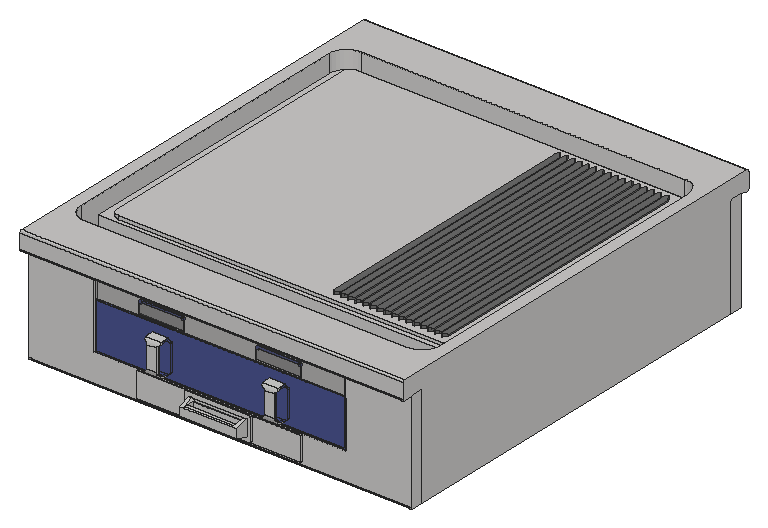
Revit family "QF_ELECTROLUXPROFESSIONAL_589106_MCHOAAHOAO", category Specialty Equipment, Revit 2018
Family settings
  Round Connector Dimension = Use Diameter
  Part Type = Normal
  Work Plane-Based = No
  Always vertical = Yes
  Cut with Voids When Loaded = No
  Shared = No
  Room Calculation Point = No
Parameters
  Weight in Pounds = 264.6
  Watts = 15300 VA  # 15300 W
  Volts = 400 V  # constant formula
  URL Cutsheet = ""
  Type Mark [instance] = ""
  Status [instance] = ""
  Specification by User [instance] = ""
  Specification by Manufacturer = ""
  Show Clearance [instance] = yes
  Serial Number = ""
  Seismic Rating = ""
  SMACNA No = ""
  Revision Code [instance] = ""
  Phase = 3  # constant formula
  Omniclass Number and Title = ""
  Number of Poles [instance] = 1
  NAFEM Spec ID Number = ""
  Model = "589106"
  Min Ckt Ampacity = 0 A
  Max Overcurrent Protection = 0 A
  Masterspec = ""
  Manufacturer = "ELECTROLUX"
  Item Number [instance] = ""
  Installed By [instance] = ""
  Identify Quantity as Lot [instance] = yes
  HP = "20.5 HP"
  Furnished By [instance] = ""
  Foodservice Equipment Identifier [instance] = yes
  FL Amps [instance] = if(Phase = 3, Watts / (Volts * 1.73), Watts / Volts)  # 22.1098 A
  Electrical Remarks = "400 V/3N ph/50/60 Hz"  # constant formula
  Electric Connection Type [instance] = ""
  Elec Conn RI Height [instance] = 0 mm
  Elec Conn Connection Height [instance] = 0 mm
  Direct Waste Size = 0"
  Description = "EL.FRYTOP,MIXED PL,1-SIDE,800X900X250H"
  Cycle [instance] = if([60 Hertz Option], 60 Hz, 50 Hz)  # 60 Hz
  Conn Plug = ""
  Conn Conduit = yes
  CSI MasterFormat = ""
  CSI Master Format = ""
  Back Panel [instance] = yes
  Apparent Power [instance] = if(Phase = 3, Volts * FL Amps * 1.73, Volts * FL Amps)  # 15300 VA
  60 Hertz Option [instance] = not([50 Hertz Option])  # yes
  50 Hertz Option [instance] = no
Reference planes
  plane 1 "BACK": y = 0
  plane 2: z = 0
  plane 3 "LEFT": x = 0
  plane 4 "RIGHT": x = 800
  plane 5 "FRONT": y = -900
  plane 6 "TOP": z = 250
  plane 7: x = 400
  plane 8: y = -450
  plane 9: y = -1330
Forms (mm)
  Extrusion 1, solid, material "QF_Finishes_Stainless Steel"
    sketch origin (0, -487.128, 0) x (0, 1, 0) y (0, 0, 1)
      loop
        line (483.128, 250) -> (-408.872, 250)
        arc (-408.872, 250) -> (-411.7, 248.828) -> (-412.872, 246) r 4
        line (-412.872, 246) -> (-412.872, 214)
        arc (-412.872, 214) -> (-411.443, 210.936) -> (-408.177, 210.061) r 4
        line (-408.177, 210.061) -> (-391.509, 213) -> (-366.872, 213) -> (-366.872, 0) -> (441.128, 0) -> (441.128, 213) -> (465.765, 213) -> (482.433, 210.061)
        arc (482.433, 210.061) -> (485.699, 210.936) -> (487.128, 214) r 4
        line (487.128, 214) -> (487.128, 246)
        arc (487.128, 246) -> (485.956, 248.828) -> (483.128, 250) r 4
    from 0 to 800
  Extrusion 2, solid, material "QF_Finishes_Stainless Steel", visible <- "Back Panel"
    sketch origin (0, 0, 0) x (0, 1, 0) y (0, 0, 1)
      loop
        line (-46, 0) -> (-20, 0) -> (-20, 213) -> (-46, 213) -> (-46, 0)
    from 0 to 800
  Extrusion 3, void
    sketch origin (653.786, 44.048, 250) x (1, 0, 0) y (0, -1, 0)
      loop
        line (-590.636, 133.048) -> (83.064, 133.048)
        arc (83.064, 133.048) -> (110.04, 144.222) -> (121.214, 171.198) r 38.15
        line (121.214, 171.198) -> (121.214, 816.572)
        arc (121.214, 816.572) -> (109.944, 843.779) -> (82.737, 855.048) r 38.476
        line (82.737, 855.048) -> (-591.786, 855.048)
        arc (-591.786, 855.048) -> (-617.949, 844.211) -> (-628.786, 818.048) r 37
        line (-628.786, 818.048) -> (-628.786, 171.198)
        arc (-628.786, 171.198) -> (-617.613, 144.222) -> (-590.636, 133.048) r 38.15
    from 0 to 37
  Extrusion 4, void
    sketch origin (1307.573, 92.096, 213) x (0, 1, 0) y (1, 0, 0)
      loop
        line (-821.846, -532.573) -> (-864.62, -532.573)
        arc (-864.62, -532.573) -> (-891.827, -543.842) -> (-903.096, -571.049) r 38.476
        line (-903.096, -571.049) -> (-903.096, -1245.573)
        arc (-903.096, -1245.573) -> (-892.259, -1271.736) -> (-866.096, -1282.573) r 37
        line (-866.096, -1282.573) -> (-821.846, -1282.573) -> (-821.846, -532.573)
    from 0 to 25.6
  Extrusion 5, void
    sketch origin (1612.573, 92.096, 187.4) x (-1, 0, 0) y (0, 1, 0)
      loop
        circle (1212.573, -862.096) r 22.248
    from 0 to 92
  Extrusion 6, solid, material "QF_Finishes_Stainless Steel"
    sketch origin (0, -854, 0) x (1, 0, 0) y (0, -1, 0)
      loop
        circle (755, -169) r 6.35
    from 0 to 3.2
  Extrusion 7, solid, material "QF_Door-Drawer Clearances", visible <- "Show Clearance", detail levels coarse
    sketch origin (437.203, -881.593, 8.62) x (0, 0, 1) y (-1, 0, 0)
      loop
        line (1.973, -134.295) -> (49.317, -134.295)
        arc (49.317, -134.295) -> (50.776, -133.691) -> (51.38, -132.232) r 2.063
        line (51.38, -132.232) -> (51.38, 206.852)
        arc (51.38, 206.852) -> (50.88, 208.549) -> (49.541, 209.705) r 3.133
        line (49.541, 209.705) -> (3.067, 209.705)
        arc (3.067, 209.705) -> (0.898, 208.807) -> (0, 206.638) r 3.067
        line (0, 206.638) -> (0, -132.322)
        arc (0, -132.322) -> (0.578, -133.717) -> (1.973, -134.295) r 1.973
    from 0 to 448.407
Cuts and joins
  Extrusion 3, Extrusion 4, Extrusion 5 cuts Extrusion 1
Lines and regions (mm)
  symbolic lines
    curve 1: line (261.519, -902.326, 0) -> (261.519, -900, 0)
    curve 2: spline (267.188, -903.73, 0) -> (266.709, -903.657, 0) -> (266.231, -903.575, 0) -> (265.754, -903.486, 0) -> (265.278, -903.389, 0) -> (264.804, -903.283, 0) -> (264.33, -903.17, 0) -> (263.858, -903.049, 0) -> (263.387, -902.92, 0) -> (262.918, -902.783, 0) -> (262.45, -902.638, 0) -> (261.984, -902.486, 0) -> (261.519, -902.326, 0)
    curve 3: line (293.735, -902.326, 0) -> (293.735, -900, 0)
    curve 4: spline (293.735, -902.326, 0) -> (293.27, -902.486, 0) -> (292.804, -902.638, 0) -> (292.337, -902.783, 0) -> (291.867, -902.92, 0) -> (291.396, -903.049, 0) -> (290.924, -903.17, 0) -> (290.451, -903.283, 0) -> (289.976, -903.389, 0) -> (289.5, -903.486, 0) -> (289.023, -903.575, 0) -> (288.545, -903.657, 0) -> (288.066, -903.73, 0)
    curve 5: line (267.188, -903.73, 0) -> (288.066, -903.73, 0)
    curve 6: line (538.481, -902.326, 0) -> (538.481, -900, 0)
    curve 7: spline (532.812, -903.73, 0) -> (533.291, -903.657, 0) -> (533.769, -903.575, 0) -> (534.246, -903.486, 0) -> (534.722, -903.389, 0) -> (535.196, -903.283, 0) -> (535.67, -903.17, 0) -> (536.142, -903.049, 0) -> (536.613, -902.92, 0) -> (537.082, -902.783, 0) -> (537.55, -902.638, 0) -> (538.016, -902.486, 0) -> (538.481, -902.326, 0)
    curve 8: line (506.265, -902.326, 0) -> (506.265, -900, 0)
    curve 9: spline (506.265, -902.326, 0) -> (506.73, -902.486, 0) -> (507.196, -902.638, 0) -> (507.663, -902.783, 0) -> (508.133, -902.92, 0) -> (508.604, -903.049, 0) -> (509.076, -903.17, 0) -> (509.549, -903.283, 0) -> (510.024, -903.389, 0) -> (510.5, -903.486, 0) -> (510.977, -903.575, 0) -> (511.455, -903.657, 0) -> (511.934, -903.73, 0)
    curve 10: line (532.812, -903.73, 0) -> (511.934, -903.73, 0)
    curve 11: line (25, -774, 0) -> (25, -127.15, 0)
    curve 12: arc (25, -127.15, 0) -> (36.174, -100.174, 0) -> (63.15, -89, 0) r 38.15
    curve 13: line (63.15, -89, 0) -> (736.85, -89, 0)
    curve 14: arc (736.85, -89, 0) -> (763.826, -100.174, 0) -> (775, -127.15, 0) r 38.15
    curve 15: line (775, -127.15, 0) -> (775, -772.524, 0)
    curve 16: arc (775, -772.524, 0) -> (763.731, -799.731, 0) -> (736.524, -811, 0) r 38.476
    curve 17: line (736.524, -811, 0) -> (62, -811, 0)
    curve 18: arc (62, -811, 0) -> (35.837, -800.163, 0) -> (25, -774, 0) r 37
    curve 19: line (775, -729.75, 0) -> (25, -729.75, 0)
    curve 20: circle (400, -770, 0) r 22.248 normal (0, 0, -1)
    curve 21: line (0, 0, 0) -> (800, 0, 0)
    curve 22: line (0, -900, 0) -> (0, 0, 0)
    curve 23: line (800, -900, 0) -> (0, -900, 0)
    curve 24: line (800, 0, 0) -> (800, -900, 0)
    curve 25: line (347.608, -908.767, 0) -> (450.042, -908.767, 0)
    curve 26: line (450.042, -908.767, 0) -> (451.588, -900, 0)
    curve 27: line (347.608, -908.767, 0) -> (346.062, -900, 0)
  symbolic lines, style "QF_Door-Drawer Clearances"
    curve 28: line (227.498, -1330, 0) -> (227.498, -900, 0)
    curve 29: line (227.498, -1330, 0) -> (571.498, -1330, 0)
    curve 30: line (571.498, -1330, 0) -> (571.498, -900, 0)
Dimensions and locks
  plane 3 "LEFT" to plane 4 "RIGHT" = 800 mm
  plane 5 "FRONT" to plane 1 "BACK" = 900 mm
  equal spacing: plane 3 "LEFT", plane 7, plane 4 "RIGHT"
  equal spacing: plane 5 "FRONT", plane 8, plane 1 "BACK"
  plane 6 "TOP" to level = 250 mm  (x2)
  plane 1 "BACK" to plane 5 "FRONT" = 900 mm
  Extrusion 6 sketch curve to plane 1 "BACK" = 685 mm
  Extrusion 6 sketch curve to plane 4 "RIGHT" = 45 mm
  plane 5 "FRONT" to plane 9 = 430 mm
  plane 1 "BACK" to Extrusion 6 = 685 mm
  aligned and locked: level to plane 2
  aligned and locked: Extrusion 7 to plane 9
  aligned and locked: cut or joined group of Extrusion 1, Extrusion 3, Extrusion 4, Extrusion 5 to plane 4 "RIGHT"
  aligned and locked: plane 7 to nested 1
  aligned and locked: Extrusion 2 to plane 4 "RIGHT"
  aligned and locked: plane 7 to nested 2
Automatic sketch dimensions
  Extrusion 2 sketch curve to Extrusion 2 sketch curve = 26 mm
  plane 1 "BACK" to Extrusion 2 sketch curve = 20 mm
  Extrusion 1 to Extrusion 3 sketch curve = 85 mm  (x2)
  Extrusion 1 to Extrusion 3 sketch curve = 122 mm
  Extrusion 1 to Extrusion 3 sketch curve = 25 mm
  Extrusion 3 sketch curve to Extrusion 3 sketch curve = 38.15 mm  (x2)
  Extrusion 1 to Extrusion 3 sketch curve = 123.476 mm
  Extrusion 3 sketch curve to Extrusion 3 sketch curve = 674.524 mm
  Extrusion 1 sketch curve to plane 5 "FRONT" = 0 mm
  Extrusion 1 sketch curve to plane 6 "TOP" = 0 mm
  Extrusion 1 sketch curve to level = 0 mm
  Extrusion 1 sketch curve to plane 1 "BACK" = 0 mm
  Extrusion 1 sketch curve to plane 6 "TOP" = 37 mm  (x2)
  Extrusion 1 sketch curve to plane 5 "FRONT" = 4 mm
  Extrusion 1 sketch curve to plane 5 "FRONT" = 21.363 mm
  Extrusion 1 sketch curve to plane 5 "FRONT" = 46 mm
  plane 1 "BACK" to Extrusion 1 sketch curve = 21.363 mm
  plane 1 "BACK" to Extrusion 1 sketch curve = 4 mm  (x2)
  Extrusion 1 sketch curve to Extrusion 1 sketch curve = 4 mm
  Extrusion 1 sketch curve to Extrusion 1 sketch curve = 0.695 mm
  Extrusion 1 sketch curve to Extrusion 1 sketch curve = 0 mm  (x4)
  plane 1 "BACK" to Extrusion 1 sketch curve = 4.695 mm
  Extrusion 1 sketch curve to Extrusion 1 sketch curve = 1 mm  (x2)
  plane 1 "BACK" to Extrusion 1 sketch curve = 46 mm
  Extrusion 4 sketch curve to Extrusion 3 = 81.25 mm
  Extrusion 3 to Extrusion 4 sketch curve = 0 mm  (x2)
  Extrusion 4 sketch curve to Extrusion 4 sketch curve = 37 mm
  Extrusion 4 sketch curve to Extrusion 4 sketch curve = 674.524 mm
  Extrusion 4 sketch curve to Extrusion 3 = 38.476 mm
  Extrusion 5 sketch curve to Extrusion 4 = 41 mm
  Extrusion 5 sketch curve to Extrusion 4 = 375 mm
  plane 1 "BACK" to curve 21 = 0 mm
  curve 21 to plane 4 "RIGHT" = 0 mm
  curve 28 to plane 9 = 0 mm
  curve 22 to plane 3 "LEFT" = 0 mm
  plane 5 "FRONT" to curve 30 = 0 mm
  plane 4 "RIGHT" to curve 15 = 25 mm
  curve 15 to curve 13 = 38.15 mm
  curve 16 to curve 17 = 38.476 mm
  plane 5 "FRONT" to curve 6 = 2.326 mm
  plane 7 to curve 6 = 138.481 mm
  plane 5 "FRONT" to curve 10 = 3.73 mm
  curve 7 to curve 10 = 5.669 mm
  plane 5 "FRONT" to curve 26 = 8.767 mm
  curve 7 to curve 26 = 82.77 mm
  curve 10 to curve 25 = 61.891 mm
  plane 5 "FRONT" to curve 8 = 2.326 mm
  curve 10 to curve 8 = 5.669 mm
  plane 5 "FRONT" to curve 3 = 2.326 mm
  curve 3 to plane 7 = 106.265 mm
  plane 5 "FRONT" to curve 5 = 3.73 mm
  curve 3 to curve 5 = 5.669 mm
  curve 27 to curve 5 = 59.542 mm
  curve 25 to curve 5 = 80.42 mm
  plane 5 "FRONT" to curve 1 = 2.326 mm
  curve 2 to curve 1 = 5.669 mm
  plane 3 "LEFT" to curve 13 = 63.15 mm
  plane 3 "LEFT" to curve 17 = 62 mm
  plane 3 "LEFT" to curve 28 = 227.498 mm
  plane 3 "LEFT" to curve 11 = 25 mm
  plane 4 "RIGHT" to curve 30 = 228.502 mm
  curve 6 to curve 7 = 9.839 mm
  curve 7 to curve 9 = 12.538 mm
  curve 9 to curve 26 = 64.516 mm
  plane 5 "FRONT" to curve 4 = 4.032 mm
  curve 5 to curve 4 = 4.17 mm
  curve 27 to curve 4 = 62.166 mm
  curve 4 to curve 2 = 12.538 mm
  curve 20 to curve 18 = 338 mm
  plane 1 "BACK" to curve 13 = 89 mm
  curve 15 to plane 5 "FRONT" = 127.476 mm
  curve 19 to curve 18 = 44.25 mm
  curve 20 to curve 18 = 4 mm
  curve 7 to plane 5 "FRONT" = 39.101 mm
  curve 9 to curve 7 = 0 mm
  curve 2 to curve 4 = 0 mm
  level to Extrusion 7 sketch curve = 8.62 mm
  level to Extrusion 7 sketch curve = 57.937 mm
  plane 7 to Extrusion 7 sketch curve = 171.498 mm
  Extrusion 7 sketch curve to Extrusion 7 sketch curve = 1.973 mm
  Extrusion 7 sketch curve to Extrusion 7 sketch curve = 3.067 mm
  Extrusion 7 sketch curve to Extrusion 7 sketch curve = 46.474 mm
  Extrusion 7 sketch curve to Extrusion 7 sketch curve = 2.063 mm
  Extrusion 7 sketch curve to Extrusion 7 sketch curve = 3.133 mm
  Extrusion 7 sketch curve to plane 7 = 169.435 mm
  Extrusion 2 sketch curve to level = 0 mm
  Extrusion 2 sketch curve to plane 6 "TOP" = 37 mm
  radius of Extrusion 5 sketch curve = 22.248 mm
  radius of Extrusion 6 sketch curve = 6.35 mm
  radius of curve 20 = 22.248 mm
Nested families
  nested 1: "EG_900_800 Front Panel with Center Grease Trap" at (402.376, -854, -650), type "EG_900_800 Front Panel with Center Grease Trap"
    with Width 800 mm
  nested 2: "EG_900_800 mm Half Grate" at (400, -409.375, -675), type "EG_900_800 mm Half Grate"
Connectors
  electrical at (755, -685, -3.2), driven by "Volts", driven by "Watts"
    settings: on Extrusion 6, index 1, voltage 400 V, apparent load 15300 VA, apparent load phase1 0 VA, apparent load phase2 0 VA, apparent load phase3 0 VA, power factor 1, load classification "Other", number of poles 1, system type 30, power factor state 1, is connector primary yes, connector utility no, sub classification motor no, connector description "ELECTRICAL CONNECTION"
Definition of nested family "EG_900_800 Front Panel with Center Grease Trap"
  Parameters
    Width [instance] = 800 mm
  Reference planes
    plane 1 "Center (Front/Back)": y = 0
    plane 2: z = 0
    plane 3 "Center (Left/Right)": x = -2.376
    plane 4: x = -402.376
    plane 5: x = 397.624
  Forms (mm)
    Extrusion 1, solid
      sketch origin (833.217, 829.203, -1.25) x (0, 1, 0) y (0, 0, 1)
        loop
          arc (-854.203, 654.25) -> (-853.324, 652.129) -> (-851.203, 651.25) r 3
          line (-851.203, 651.25) -> (-829.203, 651.25) -> (-829.203, 864.25) -> (-854.203, 864.25) -> (-854.203, 654.25)
      from -1235.593 to -435.593
    Extrusion 2, void
      sketch origin (33.217, 829.203, -1.25) x (1, 0, 0) y (0, 0, 1)
        loop
          line (-298.093, 855.116) -> (-298.093, 713.116) -> (226.907, 713.116) -> (226.907, 855.116) -> (-298.093, 855.116)
      from 848.59 to 854.203
  Cuts and joins
    Extrusion 2 cuts Extrusion 1
  Dimensions and locks
    equal spacing: plane 5, plane 3 "Center (Left/Right)", plane 4
    "Width": plane 5 to plane 4
    aligned and locked: cut or joined group of Extrusion 1, Extrusion 2 to plane 4
    aligned and locked: plane 5 to cut or joined group of Extrusion 1, Extrusion 2
    aligned and locked: plane 3 "Center (Left/Right)" to nested 2
    aligned and locked: cut or joined group of Extrusion 1, Extrusion 2 to nested 2
  Automatic sketch dimensions
    Extrusion 1 sketch curve to plane 1 "Center (Front/Back)" = 0 mm
    plane 1 "Center (Front/Back)" to Extrusion 1 sketch curve = 22 mm
    Extrusion 1 sketch curve to Extrusion 1 sketch curve = 3 mm
    level to Extrusion 1 sketch curve = 650 mm
    Extrusion 1 sketch curve to Extrusion 1 sketch curve = 210 mm
    plane 4 to Extrusion 2 sketch curve = 137.5 mm
    Extrusion 2 sketch curve to plane 5 = 137.5 mm
    level to Extrusion 2 sketch curve = 711.866 mm
    Extrusion 2 sketch curve to Extrusion 2 sketch curve = 142 mm
  Nested families
    nested 1: "Range Control Handle" at (-124.522, -28.137, -209.113) x (-1, 0, 0) z (0, 0, 1), type "Range Control Handle"
    nested 2: "800 Panel - Glass conrol panel" at (-30.376, 280.644, 2.752), type "800 Panel - Glass conrol panel"
      with Width 525 mm
    nested 3: "800 Panel - Grease trap door" at (65.223, -25, 0.608) x (-1, 0, 0) z (0, 0, 1), type "800 Panel - Grease trap door"
    nested 4: "Range Control Handle" at (119.771, -28.137, -209.113), type "Range Control Handle"
  Definition of nested family "Range Control Handle"
    Reference planes
      plane 1 "Center (Front/Back)": y = 0
      plane 2: z = 0
      plane 3 "Center (Left/Right)": x = 0
      plane 4: z = 971.092
    Forms (mm)
      Extrusion 1, solid
        sketch origin (-746.28, 380.497, 208.931) x (-1, 0, 0) y (0, 0, 1)
          loop
            line (-770.101, 786.798) -> (-770.101, 731.649)
            arc (-770.101, 731.649) -> (-769.759, 730.563) -> (-768.855, 729.87) r 1.893
            line (-768.855, 729.87) -> (-763.474, 727.911) -> (-729.81, 727.911) -> (-724.428, 729.87)
            arc (-724.428, 729.87) -> (-723.525, 730.563) -> (-723.183, 731.649) r 1.893
            line (-723.183, 731.649) -> (-723.183, 786.798)
            arc (-723.183, 786.798) -> (-723.529, 787.894) -> (-724.44, 788.593) r 1.91
            line (-724.44, 788.593) -> (-729.683, 790.819) -> (-763.601, 790.819) -> (-768.844, 788.593)
            arc (-768.844, 788.593) -> (-769.755, 787.894) -> (-770.101, 786.798) r 1.91
        from -382.35 to -378.852
      Sweep 2, solid
        path origin (-746.788, 380.496, 208.091) x (0, -1, 0) y (0, 0, 1)
          loop
            line (379.775, 793.281) -> (395.661, 791.048)
            arc (395.661, 791.048) -> (397.781, 787.377) -> (398.517, 783.202) r 12.207
            line (398.517, 783.202) -> (398.517, 737.368)
            arc (398.517, 737.368) -> (397.781, 733.193) -> (395.661, 729.522) r 12.207
            line (395.661, 729.522) -> (379.775, 727.289)
        profile origin (-746.788, -7.222, 1000.256) x (0, -0.139173, 0.990268) y (-1, 0, 0)
          loop
            line (0.782, -763.123) -> (0.782, -730.907) -> (-1.322, -730.907) -> (-1.322, -763.123) -> (0.782, -763.123)
      Sweep 3, solid
        path origin (-746.788, 380.715, 207.832) x (0, -1, 0) y (0, 0, 1)
          loop
            line (380.478, 795.442) -> (397.218, 793.09)
            arc (397.218, 793.09) -> (399.929, 788.473) -> (400.871, 783.202) r 15.207
            line (400.871, 783.202) -> (400.871, 737.584)
            arc (400.871, 737.584) -> (399.914, 732.274) -> (397.164, 727.633) r 15.207
            line (397.164, 727.633) -> (380.601, 725.305)
        profile origin (-746.788, -8.132, 1002.099) x (0, -0.139173, 0.990268) y (-1, 0, 0)
          loop
            line (0.782, -763.123) -> (0.782, -730.907) -> (-1.322, -730.907) -> (-1.322, -763.123) -> (0.782, -763.123)
      Extrusion 4, void
        sketch origin (889.253, 220.666, 207.993) x (1, 0, 0) y (0, 0, 1)
          loop
            line (-943.038, 816.854) -> (-943.038, 703.686) -> (-899.466, 734.196) -> (-899.466, 786.344) -> (-943.038, 816.854)
        from 230.636 to 242.25
      Extrusion 5, void
        sketch origin (-888.8, 220.666, 207.993) x (-1, 0, 0) y (0, 0, -1)
          loop
            line (-943.038, -816.854) -> (-899.466, -786.344) -> (-899.466, -734.196) -> (-943.038, -703.686) -> (-943.038, -816.854)
        from 230.636 to 242.25
      Extrusion 6, solid
        sketch origin (0, 0, 0) x (1, 0, 0) y (0, 0, 1)
          loop
            circle (0, 971.092) r 7.736
        from -3.137 to -1.645
    Cuts and joins
      Extrusion 4, Extrusion 5 cuts Sweep 3
      Extrusion 4, Extrusion 5 cuts Sweep 2
      joined: Extrusion 1, Extrusion 6
    Lines and regions (mm)
      symbolic lines
        curve 1: line (23.821, 1.645, 0) -> (-23.097, 1.645, 0)
        curve 2: line (16.334, -1.853, 0) -> (23.821, -1.853, 0)
        curve 3: line (-15.881, -19.189, 0) -> (-15.881, -1.853, 0)
        curve 4: line (-23.097, -1.853, 0) -> (-15.881, -1.853, 0)
        curve 5: line (16.334, -19.189, 0) -> (16.334, -1.853, 0)
        curve 6: spline (-15.881, -19.189, 0) -> (-15.417, -19.349, 0) -> (-14.951, -19.501, 0) -> (-14.483, -19.646, 0) -> (-14.014, -19.783, 0) -> (-13.543, -19.912, 0) -> (-13.071, -20.033, 0) -> (-12.597, -20.146, 0) -> (-12.122, -20.251, 0) -> (-11.646, -20.349, 0) -> (-11.169, -20.438, 0) -> (-10.691, -20.52, 0) -> (-10.213, -20.593, 0)
        curve 7: spline (10.666, -20.593, 0) -> (11.144, -20.52, 0) -> (11.622, -20.438, 0) -> (12.099, -20.349, 0) -> (12.575, -20.251, 0) -> (13.05, -20.146, 0) -> (13.524, -20.033, 0) -> (13.996, -19.912, 0) -> (14.467, -19.783, 0) -> (14.936, -19.646, 0) -> (15.404, -19.501, 0) -> (15.87, -19.349, 0) -> (16.334, -19.189, 0)
        curve 8: line (-10.213, -20.938, 0) -> (10.716, -20.938, 0)
        curve 9: line (-23.097, 1.645, 0) -> (-23.097, -1.853, 0)
        curve 10: line (23.821, 1.645, 0) -> (23.821, -1.853, 0)
  Definition of nested family "800 Panel - Glass conrol panel"
    Parameters
      Width [instance] = 525 mm
    Reference planes
      plane 1 "Center (Front/Back)": y = 0
      plane 2: z = 0
      plane 3 "Center (Left/Right)": x = 28
      plane 4: x = -234.5
      plane 5: x = 290.5
    Forms (mm)
      Extrusion 1, solid
        sketch origin (378.286, 0, 0.617) x (1, 0, 0) y (0, 0, 1)
          loop
            line (-612.786, 806.791) -> (-612.786, 708.497) -> (-87.786, 708.497) -> (-87.786, 806.791) -> (-612.786, 806.791)
        from 300.031 to 304.8
      Extrusion 2, solid
        sketch origin (378.286, 0, 0.617) x (1, 0, 0) y (0, 0, 1)
          loop
            line (-612.786, 850.497) -> (-612.786, 806.791) -> (-87.786, 806.791) -> (-87.786, 850.497) -> (-612.786, 850.497)
        from 300.031 to 304.8
      Extrusion 3, void
        sketch origin (378.286, 0, 0.617) x (1, 0, 0) y (0, 0, 1)
          loop
            line (-610.128, 847.565) -> (-610.128, 710.699) -> (-90.696, 710.699) -> (-90.696, 847.565) -> (-610.128, 847.565)
        from 303.697 to 304.8
      Extrusion 4, solid
        sketch origin (-430.455, 1.101, -0.633) x (-1, 0, 0) y (0, 0, -1)
          loop
            line (-289.431, -812.62) -> (-383.186, -812.62) -> (-383.186, -834.177) -> (-378.269, -834.177) -> (-376.469, -835.977) -> (-296.039, -835.977) -> (-294.24, -834.177) -> (-289.431, -834.177) -> (-289.431, -812.62)
        from 304.798 to 306.745
      Extrusion 5, solid
        sketch origin (-430.455, 1.101, -0.633) x (-1, 0, 0) y (0, 0, -1)
          loop
            line (-378.269, -834.177) -> (-383.078, -834.177)
            arc (-383.078, -834.177) -> (-381.942, -838.747) -> (-377.686, -840.763) r 5.5
            line (-377.686, -840.763) -> (-294.98, -840.763)
            arc (-294.98, -840.763) -> (-290.706, -838.752) -> (-289.529, -834.177) r 5.549
            line (-289.529, -834.177) -> (-294.24, -834.177) -> (-296.039, -835.977) -> (-376.469, -835.977) -> (-378.269, -834.177)
        from 304.798 to 306.745
      Extrusion 6, solid
        sketch origin (486.455, 1.101, -0.633) x (1, 0, 0) y (0, 0, 1)
          loop
            line (-289.431, 812.62) -> (-289.431, 834.177) -> (-294.24, 834.177) -> (-296.039, 835.977) -> (-376.469, 835.977) -> (-378.269, 834.177) -> (-383.186, 834.177) -> (-383.186, 812.62) -> (-289.431, 812.62)
        from 304.798 to 306.745
      Extrusion 7, solid
        sketch origin (486.455, 1.101, -0.633) x (1, 0, 0) y (0, 0, 1)
          loop
            line (-378.269, 834.177) -> (-376.469, 835.977) -> (-296.039, 835.977) -> (-294.24, 834.177) -> (-289.529, 834.177)
            arc (-289.529, 834.177) -> (-290.706, 838.752) -> (-294.98, 840.763) r 5.549
            line (-294.98, 840.763) -> (-377.686, 840.763)
            arc (-377.686, 840.763) -> (-381.942, 838.747) -> (-383.078, 834.177) r 5.5
            line (-383.078, 834.177) -> (-378.269, 834.177)
        from 304.798 to 306.745
    Cuts and joins
      Extrusion 3 cuts Extrusion 1
      Extrusion 3 cuts Extrusion 2
    Dimensions and locks
      "Width": plane 5 to plane 4
      equal spacing: plane 5, plane 3 "Center (Left/Right)", plane 4
      aligned and locked: Extrusion 1 to Extrusion 2
      aligned and locked: Extrusion 5 to Extrusion 4
      aligned and locked: plane 5 to cut or joined group of Extrusion 1, Extrusion 3
      aligned and locked: plane 5 to cut or joined group of Extrusion 2, Extrusion 3
      aligned and locked: cut or joined group of Extrusion 1, Extrusion 3 to plane 4
      aligned and locked: cut or joined group of Extrusion 2, Extrusion 3 to plane 4
      aligned and locked: Extrusion 7 to Extrusion 6
    Automatic sketch dimensions
      Extrusion 1 sketch curve to plane 4 = 0 mm
      Extrusion 1 sketch curve to plane 5 = 0 mm
      level to Extrusion 1 sketch curve = 709.114 mm
      Extrusion 1 sketch curve to Extrusion 1 sketch curve = 98.294 mm
      Extrusion 2 sketch curve to plane 4 = 0 mm
      Extrusion 2 sketch curve to plane 5 = 0 mm
      level to Extrusion 2 sketch curve = 807.408 mm
      Extrusion 2 sketch curve to Extrusion 2 sketch curve = 43.706 mm
      plane 4 to Extrusion 3 sketch curve = 2.658 mm
      level to Extrusion 3 sketch curve = 711.316 mm
      Extrusion 3 sketch curve to plane 5 = 2.909 mm
      Extrusion 3 sketch curve to Extrusion 3 sketch curve = 136.866 mm
      Extrusion 4 sketch curve to plane 3 "Center (Left/Right)" = 75.269 mm
      plane 4 to Extrusion 4 sketch curve = 100.084 mm
      level to Extrusion 4 sketch curve = 835.343 mm
      Extrusion 4 sketch curve to Extrusion 4 sketch curve = 4.917 mm
      Extrusion 4 sketch curve to Extrusion 4 sketch curve = 1.8 mm  (x4)
      Extrusion 4 sketch curve to Extrusion 4 sketch curve = 4.809 mm
      Extrusion 4 sketch curve to Extrusion 4 sketch curve = 21.557 mm
      Extrusion 5 sketch curve to plane 3 "Center (Left/Right)" = 75.377 mm
      Extrusion 5 sketch curve to plane 3 "Center (Left/Right)" = 80.769 mm
      level to Extrusion 5 sketch curve = 840.129 mm
      Extrusion 5 sketch curve to Extrusion 5 sketch curve = 0.583 mm
      Extrusion 5 sketch curve to Extrusion 5 sketch curve = 1.217 mm
      Extrusion 5 sketch curve to Extrusion 5 sketch curve = 80.43 mm
      Extrusion 5 sketch curve to Extrusion 5 sketch curve = 1.059 mm
      Extrusion 5 sketch curve to Extrusion 5 sketch curve = 0.741 mm
      Extrusion 5 sketch curve to Extrusion 5 sketch curve = 4.711 mm
      Extrusion 5 sketch curve to Extrusion 5 sketch curve = 4.786 mm
      Extrusion 5 sketch curve to Extrusion 5 sketch curve = 1.8 mm  (x2)
      plane 3 "Center (Left/Right)" to Extrusion 6 sketch curve = 75.269 mm
      level to Extrusion 6 sketch curve = 811.987 mm
      Extrusion 6 sketch curve to Extrusion 6 sketch curve = 4.917 mm
      Extrusion 6 sketch curve to Extrusion 6 sketch curve = 1.8 mm  (x3)
      Extrusion 6 sketch curve to Extrusion 6 sketch curve = 80.43 mm
      Extrusion 6 sketch curve to Extrusion 6 sketch curve = 4.809 mm
      Extrusion 6 sketch curve to Extrusion 6 sketch curve = 21.557 mm  (x2)
      plane 3 "Center (Left/Right)" to Extrusion 7 sketch curve = 75.377 mm
      plane 3 "Center (Left/Right)" to Extrusion 7 sketch curve = 80.186 mm
      level to Extrusion 7 sketch curve = 833.543 mm
      Extrusion 7 sketch curve to Extrusion 7 sketch curve = 0.583 mm
      Extrusion 7 sketch curve to Extrusion 7 sketch curve = 1.217 mm
      Extrusion 7 sketch curve to Extrusion 7 sketch curve = 80.43 mm
      Extrusion 7 sketch curve to Extrusion 7 sketch curve = 1.059 mm
      Extrusion 7 sketch curve to Extrusion 7 sketch curve = 0.741 mm
      Extrusion 7 sketch curve to Extrusion 7 sketch curve = 4.711 mm
      Extrusion 7 sketch curve to Extrusion 7 sketch curve = 0 mm
      Extrusion 7 sketch curve to Extrusion 7 sketch curve = 1.8 mm
      Extrusion 7 sketch curve to Extrusion 7 sketch curve = 4.786 mm
  Definition of nested family "800 Panel - Grease trap door"
    Reference planes
      plane 1 "Center (Front/Back)": y = 0
      plane 2: z = 0
      plane 3 "Center (Left/Right)": x = 0
    Forms (mm)
      Extrusion 1, solid
        sketch origin (1627.55, 854.203, -1.25) x (1, 0, 0) y (0, 0, 1)
          loop
            arc (-1627.55, 661.235) -> (-1626.972, 659.84) -> (-1625.577, 659.262) r 1.973
            line (-1625.577, 659.262) -> (-1494.325, 659.262)
            arc (-1494.325, 659.262) -> (-1492.156, 660.16) -> (-1491.258, 662.329) r 3.067
            line (-1491.258, 662.329) -> (-1491.258, 708.803)
            arc (-1491.258, 708.803) -> (-1492.414, 710.143) -> (-1494.111, 710.642) r 3.133
            line (-1494.111, 710.642) -> (-1625.486, 710.642)
            arc (-1625.486, 710.642) -> (-1626.945, 710.038) -> (-1627.55, 708.579) r 2.063
            line (-1627.55, 708.579) -> (-1627.55, 661.235)
        from 856.795 to 859.203
      Extrusion 2, solid
        sketch origin (445.874, 2476.61, 0) x (0, 1, 0) y (0, 0, 1)
          loop
            line (-2506.377, 675.273) -> (-2481.61, 667.505) -> (-2481.61, 700.995) -> (-2506.377, 693.227) -> (-2506.377, 675.273)
        from -437.68 to -317.68
      Extrusion 3, void
        sketch origin (1627.55, 854.203, -1.25) x (1, 0, 0) y (0, 0, 1)
          loop
            line (-1614.883, 703) -> (-1610.542, 695.433) -> (-1508.17, 695.433) -> (-1503.828, 703) -> (-1614.883, 703)
          loop
            line (-1614.883, 668) -> (-1502.669, 668) -> (-1507.01, 675.567) -> (-1610.542, 675.567) -> (-1614.883, 668)
        from 832.916 to 883.97
      Extrusion 4, void
        sketch origin (447.55, 854.203, -1.25) x (1, 0, 0) y (0, 0, 1)
          loop
            line (-430.542, 695.433) -> (-430.542, 675.567) -> (-328.17, 675.567) -> (-328.17, 695.433) -> (-430.542, 695.433)
        from 859.203 to 874.202
      Extrusion 5, solid
        sketch origin (1627.55, 854.203, -1.25) x (1, 0, 0) y (0, 0, 1)
          loop
            line (-1390.516, 710.642) -> (-1729.386, 710.642)
            arc (-1729.386, 710.642) -> (-1730.845, 710.038) -> (-1731.449, 708.579) r 2.063
            line (-1731.449, 708.579) -> (-1731.449, 661.235)
            arc (-1731.449, 661.235) -> (-1730.871, 659.84) -> (-1729.476, 659.262) r 1.973
            line (-1729.476, 659.262) -> (-1390.516, 659.262)
            arc (-1390.516, 659.262) -> (-1388.347, 660.16) -> (-1387.449, 662.329) r 3.067
            line (-1387.449, 662.329) -> (-1387.449, 707.485)
            arc (-1387.449, 707.485) -> (-1388.347, 709.653) -> (-1390.516, 710.552) r 3.067
        from 854.203 to 856.795
    Cuts and joins
      Extrusion 3 cuts Extrusion 1
      Extrusion 3, Extrusion 4 cuts Extrusion 2
      joined: Extrusion 1, Extrusion 2
    Lines and regions (mm)
      symbolic lines
        curve 1: line (0, -2.593, 0) -> (136.292, -2.593, 0)
        curve 2: line (17.557, -29.767, 0) -> (12.667, -2.593, 0)
        curve 3: line (17.557, -29.767, 0) -> (119.991, -29.767, 0)
        curve 4: line (119.991, -29.767, 0) -> (124.881, -2.593, 0)
        curve 5: line (68.146, -2.593, 0) -> (68.146, -29.767, 0)
      model lines
        curve 6: line (67.599, 0, 658.012) -> (67.599, 0, 709.392)
    Dimensions and locks
      aligned and locked: Extrusion 2 to Extrusion 1
      aligned and locked: Extrusion 3 to Extrusion 2
      aligned and locked: Extrusion 4 to Extrusion 1
Definition of nested family "EG_900_800 mm Half Grate"
  Parameters
    Length = 662 mm
    Array = Length / 15 mm  # 44
  Reference planes
    plane 1 "Center (Front/Back)": y = 0
    plane 2: z = 0
    plane 3 "Center (Left/Right)": x = 0
    plane 4: x = -355
    plane 5: x = 355
    plane 6: z = 900
    plane 7: z = 888
    plane 8: x = -331
    plane 9: x = 331
  Forms (mm)
    Extrusion 1, solid
      sketch origin (453.786, 467.26, 0) x (1, 0, 0) y (0, 1, 0)
        loop
          line (-808.786, -175.198) -> (-808.786, -760.472)
          arc (-808.786, -760.472) -> (-803.807, -772.493) -> (-791.786, -777.472) r 17
          line (-791.786, -777.472) -> (-116.936, -777.472)
          arc (-116.936, -777.472) -> (-104.102, -772.156) -> (-98.786, -759.322) r 18.15
          line (-98.786, -759.322) -> (-98.786, -175.198)
          arc (-98.786, -175.198) -> (-104.102, -162.364) -> (-116.936, -157.048) r 18.15
          line (-116.936, -157.048) -> (-790.636, -157.048)
          arc (-790.636, -157.048) -> (-803.47, -162.364) -> (-808.786, -175.198) r 18.15
      from 888 to 894.474
  Lines and regions (mm)
    symbolic lines
      curve 1: line (324.5, -295.767, 0) -> (318, -286.484, 0)
      curve 2: line (331, -286.484, 0) -> (324.5, -295.767, 0)
      curve 3: line (98.105, -295.767, 0) -> (91.605, -286.484, 0)
      curve 4: line (104.605, -286.484, 0) -> (98.105, -295.767, 0)
      curve 5: line (113.198, -295.767, 0) -> (106.698, -286.484, 0)
      curve 6: line (119.698, -286.484, 0) -> (113.198, -295.767, 0)
      curve 7: line (128.291, -295.767, 0) -> (121.791, -286.484, 0)
      curve 8: line (134.791, -286.484, 0) -> (128.291, -295.767, 0)
      curve 9: line (143.384, -295.767, 0) -> (136.884, -286.484, 0)
      curve 10: line (149.884, -286.484, 0) -> (143.384, -295.767, 0)
      curve 11: line (158.477, -295.767, 0) -> (151.977, -286.484, 0)
      curve 12: line (164.977, -286.484, 0) -> (158.477, -295.767, 0)
      curve 13: line (173.57, -295.767, 0) -> (167.07, -286.484, 0)
      curve 14: line (180.07, -286.484, 0) -> (173.57, -295.767, 0)
      curve 15: line (188.663, -295.767, 0) -> (182.163, -286.484, 0)
      curve 16: line (195.163, -286.484, 0) -> (188.663, -295.767, 0)
      curve 17: line (203.756, -295.767, 0) -> (197.256, -286.484, 0)
      curve 18: line (210.256, -286.484, 0) -> (203.756, -295.767, 0)
      curve 19: line (218.849, -295.767, 0) -> (212.349, -286.484, 0)
      curve 20: line (225.349, -286.484, 0) -> (218.849, -295.767, 0)
      curve 21: line (233.942, -295.767, 0) -> (227.442, -286.484, 0)
      curve 22: line (240.442, -286.484, 0) -> (233.942, -295.767, 0)
      curve 23: line (249.035, -295.767, 0) -> (242.535, -286.484, 0)
      curve 24: line (255.535, -286.484, 0) -> (249.035, -295.767, 0)
      curve 25: line (264.128, -295.767, 0) -> (257.628, -286.484, 0)
      curve 26: line (270.628, -286.484, 0) -> (264.128, -295.767, 0)
      curve 27: line (279.221, -295.767, 0) -> (272.721, -286.484, 0)
      curve 28: line (285.721, -286.484, 0) -> (279.221, -295.767, 0)
      curve 29: line (294.314, -295.767, 0) -> (287.814, -286.484, 0)
      curve 30: line (300.814, -286.484, 0) -> (294.314, -295.767, 0)
      curve 31: line (309.407, -295.767, 0) -> (302.907, -286.484, 0)
      curve 32: line (315.907, -286.484, 0) -> (309.407, -295.767, 0)
      curve 33: line (336.85, 310.212, 0) -> (-336.85, 310.212, 0)
      curve 34: arc (-336.85, 310.212, 0) -> (-349.684, 304.896, 0) -> (-355, 292.062, 0) r 18.15
      curve 35: line (-355, 292.062, 0) -> (-355, -293.212, 0)
      curve 36: arc (-355, -293.212, 0) -> (-350.021, -305.233, 0) -> (-338, -310.212, 0) r 17
      curve 37: line (-338, -310.212, 0) -> (336.85, -310.212, 0)
      curve 38: arc (336.85, -310.212, 0) -> (349.684, -304.896, 0) -> (355, -292.062, 0) r 18.15
      curve 39: line (355, -292.062, 0) -> (355, 292.062, 0)
      curve 40: arc (355, 292.062, 0) -> (349.684, 304.896, 0) -> (336.85, 310.212, 0) r 18.15
  Dimensions and locks
    plane 6 to level = 900 mm
    plane 6 to plane 7 = 12 mm
    locked: plane 9 to plane 5 at 24
    "Length": plane 8 to plane 9
    plane 4 to plane 5 = 710 mm
    plane 4 to plane 8 = 24 mm
    aligned and locked: Extrusion 1 to plane 7
    aligned and locked: plane 9 to nested 1
    aligned and locked: curve 34 to Extrusion 1
    aligned and locked: curve 38 to Extrusion 1
    aligned and locked: curve 40 to Extrusion 1
  Automatic sketch dimensions
    Extrusion 1 sketch curve to plane 4 = 0 mm
    Extrusion 1 sketch curve to plane 5 = 0 mm
    Extrusion 1 sketch curve to plane 8 = 7 mm
    Extrusion 1 sketch curve to plane 8 = 5.85 mm
    plane 9 to Extrusion 1 sketch curve = 5.85 mm  (x2)
    plane 1 "Center (Front/Back)" to Extrusion 1 sketch curve = 310.212 mm
    Extrusion 1 sketch curve to plane 1 "Center (Front/Back)" = 292.062 mm
    curve 36 to plane 8 = 7 mm
    curve 1 to curve 1 = 6.5 mm
    curve 1 to curve 1 = 9.283 mm
    curve 1 to curve 2 = 6.5 mm
    curve 1 to curve 2 = 9.283 mm
    curve 3 to curve 3 = 6.5 mm
    curve 3 to curve 3 = 9.283 mm
    curve 3 to curve 4 = 6.5 mm
    curve 3 to curve 4 = 9.283 mm
    curve 5 to curve 5 = 6.5 mm
    curve 5 to curve 5 = 9.283 mm
    curve 5 to curve 6 = 6.5 mm
    curve 5 to curve 6 = 9.283 mm
    curve 7 to curve 7 = 6.5 mm
    curve 7 to curve 7 = 9.283 mm
    curve 7 to curve 8 = 6.5 mm
    curve 7 to curve 8 = 9.283 mm
    curve 9 to curve 9 = 6.5 mm
    curve 9 to curve 9 = 9.283 mm
    curve 9 to curve 10 = 6.5 mm
    curve 9 to curve 10 = 9.283 mm
    curve 11 to curve 11 = 6.5 mm
    curve 11 to curve 11 = 9.283 mm
    curve 11 to curve 12 = 6.5 mm
    curve 11 to curve 12 = 9.283 mm
    curve 13 to curve 13 = 6.5 mm
    curve 13 to curve 13 = 9.283 mm
    curve 13 to curve 14 = 6.5 mm
    curve 13 to curve 14 = 9.283 mm
    curve 15 to curve 15 = 6.5 mm
    curve 15 to curve 15 = 9.283 mm
    curve 15 to curve 16 = 6.5 mm
    curve 15 to curve 16 = 9.283 mm
    curve 17 to curve 17 = 6.5 mm
    curve 17 to curve 17 = 9.283 mm
    curve 17 to curve 18 = 6.5 mm
    curve 17 to curve 18 = 9.283 mm
    curve 19 to curve 19 = 6.5 mm
    curve 19 to curve 19 = 9.283 mm
    curve 19 to curve 20 = 6.5 mm
    curve 19 to curve 20 = 9.283 mm
    curve 21 to curve 21 = 6.5 mm
    curve 21 to curve 21 = 9.283 mm
    curve 21 to curve 22 = 6.5 mm
    curve 21 to curve 22 = 9.283 mm
    curve 23 to curve 23 = 6.5 mm
    curve 23 to curve 23 = 9.283 mm
    curve 23 to curve 24 = 6.5 mm
    curve 23 to curve 24 = 9.283 mm
    curve 25 to curve 25 = 6.5 mm
    curve 25 to curve 25 = 9.283 mm
    curve 25 to curve 26 = 6.5 mm
    curve 25 to curve 26 = 9.283 mm
    curve 27 to curve 27 = 6.5 mm
    curve 27 to curve 27 = 9.283 mm
    curve 27 to curve 28 = 6.5 mm
    curve 27 to curve 28 = 9.283 mm
    curve 29 to curve 29 = 6.5 mm
    curve 29 to curve 29 = 9.283 mm
    curve 29 to curve 30 = 6.5 mm
    curve 29 to curve 30 = 9.283 mm
    curve 31 to curve 31 = 6.5 mm
    curve 31 to curve 31 = 9.283 mm
    curve 31 to curve 32 = 6.5 mm
    curve 31 to curve 32 = 9.283 mm
  Nested families
    nested 1: "Grate for Griddle" at (324.5, 0, 11.99), type "Grate for Griddle"
    nested 2: "Grate for Griddle" at (98.105, 0, 11.99), type "Grate for Griddle"
    nested 3: "Grate for Griddle" at (113.198, 0, 11.99), type "Grate for Griddle"
    nested 4: "Grate for Griddle" at (128.291, 0, 11.99), type "Grate for Griddle"
    nested 5: "Grate for Griddle" at (143.384, 0, 11.99), type "Grate for Griddle"
    nested 6: "Grate for Griddle" at (158.477, 0, 11.99), type "Grate for Griddle"
    nested 7: "Grate for Griddle" at (173.57, 0, 11.99), type "Grate for Griddle"
    nested 8: "Grate for Griddle" at (188.663, 0, 11.99), type "Grate for Griddle"
    nested 9: "Grate for Griddle" at (203.756, 0, 11.99), type "Grate for Griddle"
    nested 10: "Grate for Griddle" at (218.849, 0, 11.99), type "Grate for Griddle"
    nested 11: "Grate for Griddle" at (233.942, 0, 11.99), type "Grate for Griddle"
    nested 12: "Grate for Griddle" at (249.035, 0, 11.99), type "Grate for Griddle"
    nested 13: "Grate for Griddle" at (264.128, 0, 11.99), type "Grate for Griddle"
    nested 14: "Grate for Griddle" at (279.221, 0, 11.99), type "Grate for Griddle"
    nested 15: "Grate for Griddle" at (294.314, 0, 11.99), type "Grate for Griddle"
    nested 16: "Grate for Griddle" at (309.407, 0, 11.99), type "Grate for Griddle"
  Definition of nested family "Grate for Griddle"
    Reference planes
      plane 1 "Center (Front/Back)": y = 0
      plane 2: z = 0
      plane 3 "Center (Left/Right)": x = 0
      plane 4: x = -5.214
      plane 5: x = 7.786
      plane 6: y = 294
      plane 7: y = -294
    Forms (mm)
      Extrusion 1, solid
        sketch origin (1322.686, 294, -6.066) x (1, 0, 0) y (0, 0, 1)
          loop
            line (-1316.186, 888.55) -> (-1316.186, 890.55)
            arc (-1316.186, 890.55) -> (-1322.686, 894.177) -> (-1329.186, 890.55) r 7.638
            line (-1329.186, 890.55) -> (-1329.186, 888.55) -> (-1316.186, 888.55)
        from 0 to 588
      Extrusion 2, void
        sketch origin (0, 0, 0) x (1, 0, 0) y (0, 1, 0)
          loop
            line (-1.237, 294) -> (-6.5, 294) -> (-6.5, 286.484) -> (-1.237, 294)
          loop
            line (1.237, 294) -> (6.5, 286.484) -> (6.5, 294) -> (1.237, 294)
          loop
            line (-1.237, -294) -> (-6.5, -286.484) -> (-6.5, -294) -> (-1.237, -294)
          loop
            line (1.237, -294) -> (6.5, -294) -> (6.5, -286.484) -> (1.237, -294)
        from 878.991 to 892.372
    Cuts and joins
      Extrusion 2 cuts Extrusion 1
    Lines and regions (mm)
      symbolic lines
        curve 1: line (6.5, -286.484, 0) -> (6.5, 286.484, 0)
        curve 2: line (6.5, -286.484, 0) -> (1.237, -294, 0)
        curve 3: line (-1.237, -294, 0) -> (-6.5, -286.484, 0)
        curve 4: line (-6.5, 286.484, 0) -> (-6.5, -286.484, 0)
        curve 5: line (-6.5, 286.484, 0) -> (-1.237, 294, 0)
        curve 6: line (1.237, 294, 0) -> (6.5, 286.484, 0)
    Dimensions and locks
      plane 6 to plane 7 = 588 mm
      aligned and locked: Extrusion 1 to plane 7
      aligned and locked: plane 6 to Extrusion 1
      aligned and locked: curve 1 to cut or joined group of Extrusion 1, Extrusion 2
      aligned and locked: curve 2 to cut or joined group of Extrusion 1, Extrusion 2
      aligned and locked: curve 3 to cut or joined group of Extrusion 1, Extrusion 2
      aligned and locked: curve 4 to cut or joined group of Extrusion 1, Extrusion 2
      aligned and locked: curve 5 to cut or joined group of Extrusion 1, Extrusion 2
      aligned and locked: curve 6 to cut or joined group of Extrusion 1, Extrusion 2
